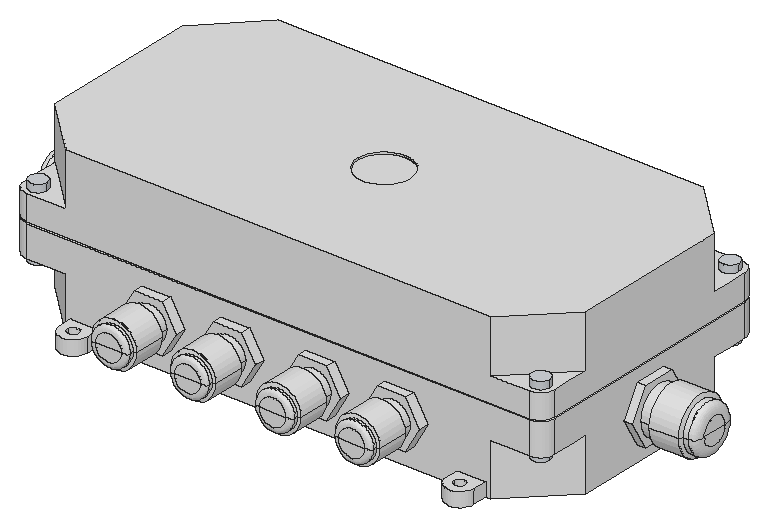
Revit family "Korobka soedinitelnaya dlya greyushchego kabelya KSGK-2 AYaKS", category Датчики, Revit 2023
Family settings
  Размер круглого соединителя = Использовать диаметр
  Тип детали = Нормальный
  Номер OmniClass = 23.85.50.17
  Заголовок OmniClass = Communication and Data Processing Equipment
  На основе рабочей плоскости = Нет
  Всегда вертикально = Да
  При загрузке вырезать с полостями = Нет
  Сохранять ориентацию аннотаций = Нет
  Общий = Нет
  Точка принадлежности помещению = Нет
Parameters (values of type "КСГК-2")
  Ток, А = "не более 70"
  Степень защиты оболочки = "IP 66 по ГОСТ 14254-2015"
  Отметка по умолчанию = 0 mm
  Описание = "Коробка соединительная для греющего кабеля КСГК IP66 АЯКС (далее – коробка) предназначена для подключения питающего кабеля к сети нагревательных кабелей, сращивания отрезков греющего кабеля или разветвления греющих кабелей в цепях переменного и постоянного тока. Внутри коробок располагаются пружинные клеммные колодки 10мм2."
  Напряжение, В = "не более 600"
  Кол-во клеммных пар (из них пар заземления), шт = "12(2)"
  Изготовитель = [ADSK_Завод-изготовитель]  # "ООО НПП «МАГНИТО-КОНТАКТ»"
  Диапазон рабочих температур, °C = "от -65 до +70"
  URL = "https://m-kontakt.ru/produkt/kommutacyonnye/ksgk_ayaks"
  ADSK_Размер_Ширина = 150 mm
  ADSK_Размер_Длина = 370 mm
  ADSK_Размер_Высота = 93 mm
  ADSK_Обозначение = "АТФЕ.685552.234 ПС"
  ADSK_Наименование краткое = "КСГК-2"
  ADSK_Наименование = "Коробка соединительная для греющего кабеля КСГК IP66 АЯКС"
  ADSK_Материал = Пластик белый
  ADSK_Масса = 1.3
  ADSK_Завод-изготовитель = "ООО НПП «МАГНИТО-КОНТАКТ»"  # constant formula
  ADSK_Единица измерения = "шт."  # constant formula
Reference planes
  plane 1 "По центру (Вперед/Назад)": y = 0
  plane 2: z = 0
  plane 3 "По центру (Влево/Вправо)": x = 0
Forms (mm)
  Extrusion 1, solid, material "Пластик белый" <- "ADSK_Материал"
    sketch origin (0, 0, 0) x (1, 0, 0) y (0, 1, 0)
      loop
        line (143, 75.5) -> (0, 75.5) -> (-142.963, 75.5)
        arc (-142.963, 75.5) -> (-148.646, 73.146) -> (-151, 67.463) r 8.037
        line (-151, 67.463) -> (-151, 0) -> (-151, -67.5)
        arc (-151, -67.5) -> (-148.657, -73.157) -> (-143, -75.5) r 8
        line (-143, -75.5) -> (143, -75.5)
        arc (143, -75.5) -> (148.657, -73.157) -> (151, -67.5) r 8
        line (151, -67.5) -> (151, 67.5)
        arc (151, 67.5) -> (148.657, 73.157) -> (143, 75.5) r 8
    from 0 to 93
  Extrusion 2, void
    sketch origin (0, 0, 0) x (1, 0, 0) y (0, 1, 0)
      loop
        line (-151, 67.463) -> (-151, 55.451) -> (-151, 45.463) -> (-120.963, 75.5) -> (-130.951, 75.5) -> (-142.963, 75.5) -> (-151, 75.5) -> (-151, 67.463)
      loop
        line (-151, -67.463) -> (-151, -75.5) -> (-142.963, -75.5) -> (-130.951, -75.5) -> (-120.951, -75.5) -> (-151, -45.451) -> (-151, -55.451) -> (-151, -67.463)
      loop
        line (151, 67.463) -> (151, 75.5) -> (142.963, 75.5) -> (130.951, 75.5) -> (120.963, 75.5) -> (151, 45.463) -> (151, 55.451) -> (151, 67.463)
      loop
        line (151, -67.463) -> (151, -55.451) -> (151, -45.463) -> (120.963, -75.5) -> (130.951, -75.5) -> (142.963, -75.5) -> (151, -75.5) -> (151, -67.463)
    from 0 to 30
  Extrusion 3, void
    sketch origin (0, 0, 93) x (0, 1, 0) y (1, 0, 0)
      loop
        line (75.5, -142.963) -> (75.5, -130.963) -> (75.5, -120.963) -> (45.463, -151) -> (55.463, -151) -> (67.463, -151) -> (75.5, -151) -> (75.5, -142.963)
      loop
        line (-75.5, -142.963) -> (-75.5, -151) -> (-67.463, -151) -> (-55.463, -151) -> (-45.463, -151) -> (-75.5, -120.963) -> (-75.5, -130.963) -> (-75.5, -142.963)
      loop
        line (75.5, 142.963) -> (75.5, 151) -> (67.463, 151) -> (55.463, 151) -> (45.463, 151) -> (75.5, 120.963) -> (75.5, 130.963) -> (75.5, 142.963)
      loop
        line (-75.5, 142.963) -> (-75.5, 130.963) -> (-75.5, 120.963) -> (-45.463, 151) -> (-55.463, 151) -> (-67.463, 151) -> (-75.5, 151) -> (-75.5, 142.963)
    from 0 to 30
  Extrusion 4, void
    sketch origin (0, 0, 0) x (1, 0, 0) y (0, 1, 0)
      loop
        arc (-142.963, 75.5) -> (-148.646, 73.146) -> (-151, 67.463) r 8.037
        line (-151, 67.463) -> (-151, -67.5)
        arc (-151, -67.5) -> (-148.657, -73.157) -> (-143, -75.5) r 8
        line (-143, -75.5) -> (143, -75.5)
        arc (143, -75.5) -> (148.657, -73.157) -> (151, -67.5) r 8
        line (151, -67.5) -> (151, 67.5)
        arc (151, 67.5) -> (148.657, 73.157) -> (143, 75.5) r 8
        line (143, 75.5) -> (-142.963, 75.5)
      loop
        arc (-134.926, 67.463) -> (-140.609, 65.109) -> (-142.963, 59.426) r 8.037
        line (-142.963, 59.426) -> (-142.963, -59.5)
        arc (-142.963, -59.5) -> (-140.62, -65.157) -> (-134.963, -67.5) r 8
        line (-134.963, -67.5) -> (135, -67.5)
        arc (135, -67.5) -> (140.657, -65.157) -> (143, -59.5) r 8
        line (143, -59.5) -> (143, 59.463)
        arc (143, 59.463) -> (140.657, 65.12) -> (135, 67.463) r 8
        line (135, 67.463) -> (-134.926, 67.463)
    from 48 to 49
  Extrusion 5, solid, material "Пластик белый" <- "ADSK_Материал"
    sketch origin (0, 0, 0) x (1, 0, 0) y (0, 1, 0)
      loop
        line (110, 75.5) -> (118, 75.5) -> (118, 83.5)
        arc (118, 83.5) -> (110, 91.5) -> (102, 83.5) r 8
        line (102, 83.5) -> (102, 75.5) -> (110, 75.5)
      loop
        line (-110, 75.5) -> (-102, 75.5) -> (-102, 83.5)
        arc (-102, 83.5) -> (-110, 91.5) -> (-118, 83.5) r 8
        line (-118, 83.5) -> (-118, 75.5) -> (-110, 75.5)
      loop
        line (110, -75.5) -> (102, -75.5) -> (102, -83.5)
        arc (102, -83.5) -> (110, -91.5) -> (118, -83.5) r 8
        line (118, -83.5) -> (118, -75.5) -> (110, -75.5)
      loop
        line (-110, -75.5) -> (-118, -75.5) -> (-118, -83.5)
        arc (-118, -83.5) -> (-110, -91.5) -> (-102, -83.5) r 8
        line (-102, -83.5) -> (-102, -75.5) -> (-110, -75.5)
    from 0 to 8
  Extrusion 6, void
    sketch origin (0, 0, 0) x (1, 0, 0) y (0, 1, 0)
      loop
        circle (110, 83.587) r 3.3
      loop
        circle (-110, 83.587) r 3.3
      loop
        circle (110, -83.587) r 3.3
      loop
        circle (-110, -83.587) r 3.3
    from 0 to 8
  Extrusion 7, void
    sketch origin (0, 0, 0) x (1, 0, 0) y (0, 1, 0)
      loop
        circle (0, 0) r 15
    from 92 to 93
  Extrusion 8, solid
    sketch origin (0, 0, 0) x (1, 0, 0) y (0, 1, 0)
      loop
        circle (143, 67.5) r 5
      loop
        circle (143, -67.5) r 5
      loop
        circle (-143, -67.5) r 5
      loop
        circle (-142.989, 67.489) r 5
    from 63 to 67
  Extrusion 9, solid
    sketch origin (0, 0, 0) x (1, 0, 0) y (0, 1, 0)
      loop
        circle (143, 67.5) r 5
      loop
        circle (143, -67.5) r 5
      loop
        circle (-143, -67.5) r 5
      loop
        circle (-142.989, 67.489) r 5
    from 26 to 30
  Revolve 10, solid, material "Пластик белый" <- "ADSK_Материал"
    sketch origin (-122.458, -1.986, 25.312) x (0, -1, 0) y (1, 0, 0)
      loop
        line (-15.46, -33.979) -> (-15.46, -40.804) -> (-17.762, -40.804) -> (-17.762, -57.606) -> (-15.46, -58.222) -> (-15.46, -61.652)
        spline (-15.46, -61.652) -> (-15.418, -62.273) -> (-15.292, -62.841) -> (-15.083, -63.354) -> (-14.79, -63.814) -> (-14.413, -64.219) -> (-13.952, -64.57) -> (-13.408, -64.867) -> (-12.78, -65.11) -> (-12.068, -65.3) -> (-11.272, -65.435) -> (-10.393, -65.516) -> (-9.43, -65.543)
        line (-9.43, -65.543) -> (-1.986, -65.543) -> (-1.986, -33.979) -> (-15.46, -33.979)
      axis (-1.986, -65.543) -> (-1.986, -33.979)
    angle from 0 to 360
  Extrusion 11, solid, material "Пластик белый" <- "ADSK_Материал"
    sketch origin (-88, -19.063, 55.205) x (0, 0, -1) y (0, 1, 0)
      loop
        line (29.892, 37.487) -> (13.936, 28.275) -> (13.936, 9.85) -> (29.892, 0.638) -> (45.849, 9.85) -> (45.849, 28.275) -> (29.892, 37.487)
    from -68.437 to -63
  Revolve 12, solid, material "Пластик белый" <- "ADSK_Материал"
    sketch origin (122.458, -1.986, 25.312) x (0, -1, 0) y (1, 0, 0)
      loop
        line (-15.46, 33.979) -> (-1.986, 33.979) -> (-1.986, 65.543) -> (-9.43, 65.543)
        spline (-9.43, 65.543) -> (-10.393, 65.516) -> (-11.272, 65.435) -> (-12.068, 65.3) -> (-12.78, 65.11) -> (-13.408, 64.867) -> (-13.952, 64.57) -> (-14.413, 64.219) -> (-14.79, 63.814) -> (-15.083, 63.354) -> (-15.292, 62.841) -> (-15.418, 62.273) -> (-15.46, 61.652)
        line (-15.46, 61.652) -> (-15.46, 58.222) -> (-17.762, 57.606) -> (-17.762, 40.804) -> (-15.46, 40.804) -> (-15.46, 33.979)
      axis (-1.986, 65.543) -> (-1.986, 33.979)
    angle from 0 to 360
  Extrusion 13, solid, material "Пластик белый" <- "ADSK_Материал"
    sketch origin (88, -19.063, 55.205) x (0, 0, -1) y (0, -1, 0)
      loop
        line (29.892, -37.487) -> (45.849, -28.275) -> (45.849, -9.85) -> (29.892, -0.638) -> (13.936, -9.85) -> (13.936, -28.275) -> (29.892, -37.487)
    from -68.437 to -63
  Revolve 14, solid, material "Пластик белый" <- "ADSK_Материал"
    sketch origin (-71.214, 46.958, 25.312) x (-1, 0, 0) y (0, -1, 0)
      loop
        line (-11.986, -33.979) -> (-11.986, -40.804) -> (-14.754, -40.804) -> (-14.754, -58.411) -> (-12.762, -58.945) -> (-12.762, -60.51)
        spline (-12.762, -60.51) -> (-12.739, -60.854) -> (-12.669, -61.167) -> (-12.554, -61.451) -> (-12.392, -61.705) -> (-12.183, -61.929) -> (-11.929, -62.123) -> (-11.628, -62.287) -> (-11.281, -62.422) -> (-10.888, -62.526) -> (-10.448, -62.601) -> (-9.962, -62.646) -> (-9.43, -62.661)
        line (-9.43, -62.661) -> (-1.986, -62.661) -> (-1.986, -33.979) -> (-11.986, -33.979)
      axis (-1.986, -62.661) -> (-1.986, -33.979)
    angle from 0 to 360
  Extrusion 15, solid, material "Пластик белый" <- "ADSK_Материал"
    sketch origin (-88.29, 12.5, 55.205) x (0, 0, -1) y (1, 0, 0)
      loop
        line (29.892, 3.063) -> (43.749, 11.063) -> (43.749, 27.063) -> (29.892, 35.063) -> (16.036, 27.063) -> (16.036, 11.063) -> (29.892, 3.063)
    from -68.437 to -63
  Revolve 16, solid, material "Пластик белый" <- "ADSK_Материал"
    sketch origin (-26.214, 46.958, 25.312) x (-1, 0, 0) y (0, -1, 0)
      loop
        line (-11.986, -33.979) -> (-11.986, -40.804) -> (-14.754, -40.804) -> (-14.754, -58.411) -> (-12.762, -58.945) -> (-12.762, -60.51)
        spline (-12.762, -60.51) -> (-12.739, -60.854) -> (-12.669, -61.167) -> (-12.554, -61.451) -> (-12.392, -61.705) -> (-12.183, -61.929) -> (-11.929, -62.123) -> (-11.628, -62.287) -> (-11.281, -62.422) -> (-10.888, -62.526) -> (-10.448, -62.601) -> (-9.962, -62.646) -> (-9.43, -62.661)
        line (-9.43, -62.661) -> (-1.986, -62.661) -> (-1.986, -33.979) -> (-11.986, -33.979)
      axis (-1.986, -62.661) -> (-1.986, -33.979)
    angle from 0 to 360
  Extrusion 17, solid, material "Пластик белый" <- "ADSK_Материал"
    sketch origin (-43.29, 12.5, 55.205) x (0, 0, -1) y (1, 0, 0)
      loop
        line (29.892, 3.063) -> (43.749, 11.063) -> (43.749, 27.063) -> (29.892, 35.063) -> (16.036, 27.063) -> (16.036, 11.063) -> (29.892, 3.063)
    from -68.437 to -63
  Revolve 18, solid, material "Пластик белый" <- "ADSK_Материал"
    sketch origin (71.214, 46.958, 25.312) x (1, 0, 0) y (0, 1, 0)
      loop
        line (-11.986, 33.979) -> (-1.986, 33.979) -> (-1.986, 62.661) -> (-9.43, 62.661)
        spline (-9.43, 62.661) -> (-9.962, 62.646) -> (-10.448, 62.601) -> (-10.888, 62.526) -> (-11.281, 62.422) -> (-11.628, 62.287) -> (-11.929, 62.123) -> (-12.183, 61.929) -> (-12.392, 61.705) -> (-12.554, 61.451) -> (-12.669, 61.167) -> (-12.739, 60.854) -> (-12.762, 60.51)
        line (-12.762, 60.51) -> (-12.762, 58.945) -> (-14.754, 58.411) -> (-14.754, 40.804) -> (-11.986, 40.804) -> (-11.986, 33.979)
      axis (-1.986, 62.661) -> (-1.986, 33.979)
    angle from 0 to 360
  Extrusion 19, solid, material "Пластик белый" <- "ADSK_Материал"
    sketch origin (88.29, 12.5, 55.205) x (0, 0, -1) y (1, 0, 0)
      loop
        line (29.892, -3.063) -> (16.036, -11.063) -> (16.036, -27.063) -> (29.892, -35.063) -> (43.749, -27.063) -> (43.749, -11.063) -> (29.892, -3.063)
    from -68.437 to -63
  Revolve 20, solid, material "Пластик белый" <- "ADSK_Материал"
    sketch origin (26.214, 46.958, 25.312) x (1, 0, 0) y (0, 1, 0)
      loop
        line (-11.986, 33.979) -> (-1.986, 33.979) -> (-1.986, 62.661) -> (-9.43, 62.661)
        spline (-9.43, 62.661) -> (-9.962, 62.646) -> (-10.448, 62.601) -> (-10.888, 62.526) -> (-11.281, 62.422) -> (-11.628, 62.287) -> (-11.929, 62.123) -> (-12.183, 61.929) -> (-12.392, 61.705) -> (-12.554, 61.451) -> (-12.669, 61.167) -> (-12.739, 60.854) -> (-12.762, 60.51)
        line (-12.762, 60.51) -> (-12.762, 58.945) -> (-14.754, 58.411) -> (-14.754, 40.804) -> (-11.986, 40.804) -> (-11.986, 33.979)
      axis (-1.986, 62.661) -> (-1.986, 33.979)
    angle from 0 to 360
  Extrusion 21, solid, material "Пластик белый" <- "ADSK_Материал"
    sketch origin (43.29, 12.5, 55.205) x (0, 0, -1) y (1, 0, 0)
      loop
        line (29.892, -3.063) -> (16.036, -11.063) -> (16.036, -27.063) -> (29.892, -35.063) -> (43.749, -27.063) -> (43.749, -11.063) -> (29.892, -3.063)
    from -68.437 to -63
  Revolve 22, solid, material "Пластик белый" <- "ADSK_Материал"
    sketch origin (-71.214, -46.958, 25.312) x (-1, 0, 0) y (0, -1, 0)
      loop
        line (-11.986, 33.979) -> (-1.986, 33.979) -> (-1.986, 62.661) -> (-9.43, 62.661)
        spline (-9.43, 62.661) -> (-9.962, 62.646) -> (-10.448, 62.601) -> (-10.888, 62.526) -> (-11.281, 62.422) -> (-11.628, 62.287) -> (-11.929, 62.123) -> (-12.183, 61.929) -> (-12.392, 61.705) -> (-12.554, 61.451) -> (-12.669, 61.167) -> (-12.739, 60.854) -> (-12.762, 60.51)
        line (-12.762, 60.51) -> (-12.762, 58.945) -> (-14.754, 58.411) -> (-14.754, 40.804) -> (-11.986, 40.804) -> (-11.986, 33.979)
      axis (-1.986, 62.661) -> (-1.986, 33.979)
    angle from 0 to 360
  Extrusion 23, solid, material "Пластик белый" <- "ADSK_Материал"
    sketch origin (-88.29, -12.5, 55.205) x (0, 0, -1) y (-1, 0, 0)
      loop
        line (29.892, -3.063) -> (16.036, -11.063) -> (16.036, -27.063) -> (29.892, -35.063) -> (43.749, -27.063) -> (43.749, -11.063) -> (29.892, -3.063)
    from -68.437 to -63
  Revolve 24, solid, material "Пластик белый" <- "ADSK_Материал"
    sketch origin (-26.214, -46.958, 25.312) x (-1, 0, 0) y (0, -1, 0)
      loop
        line (-11.986, 33.979) -> (-1.986, 33.979) -> (-1.986, 62.661) -> (-9.43, 62.661)
        spline (-9.43, 62.661) -> (-9.962, 62.646) -> (-10.448, 62.601) -> (-10.888, 62.526) -> (-11.281, 62.422) -> (-11.628, 62.287) -> (-11.929, 62.123) -> (-12.183, 61.929) -> (-12.392, 61.705) -> (-12.554, 61.451) -> (-12.669, 61.167) -> (-12.739, 60.854) -> (-12.762, 60.51)
        line (-12.762, 60.51) -> (-12.762, 58.945) -> (-14.754, 58.411) -> (-14.754, 40.804) -> (-11.986, 40.804) -> (-11.986, 33.979)
      axis (-1.986, 62.661) -> (-1.986, 33.979)
    angle from 0 to 360
  Extrusion 25, solid, material "Пластик белый" <- "ADSK_Материал"
    sketch origin (-43.29, -12.5, 55.205) x (0, 0, -1) y (-1, 0, 0)
      loop
        line (29.892, -3.063) -> (16.036, -11.063) -> (16.036, -27.063) -> (29.892, -35.063) -> (43.749, -27.063) -> (43.749, -11.063) -> (29.892, -3.063)
    from -68.437 to -63
  Revolve 26, solid, material "Пластик белый" <- "ADSK_Материал"
    sketch origin (71.214, -46.958, 25.312) x (1, 0, 0) y (0, 1, 0)
      loop
        line (-11.986, -33.979) -> (-11.986, -40.804) -> (-14.754, -40.804) -> (-14.754, -58.411) -> (-12.762, -58.945) -> (-12.762, -60.51)
        spline (-12.762, -60.51) -> (-12.739, -60.854) -> (-12.669, -61.167) -> (-12.554, -61.451) -> (-12.392, -61.705) -> (-12.183, -61.929) -> (-11.929, -62.123) -> (-11.628, -62.287) -> (-11.281, -62.422) -> (-10.888, -62.526) -> (-10.448, -62.601) -> (-9.962, -62.646) -> (-9.43, -62.661)
        line (-9.43, -62.661) -> (-1.986, -62.661) -> (-1.986, -33.979) -> (-11.986, -33.979)
      axis (-1.986, -62.661) -> (-1.986, -33.979)
    angle from 0 to 360
  Extrusion 27, solid, material "Пластик белый" <- "ADSK_Материал"
    sketch origin (88.29, -12.5, 55.205) x (0, 0, -1) y (-1, 0, 0)
      loop
        line (29.892, 3.063) -> (43.749, 11.063) -> (43.749, 27.063) -> (29.892, 35.063) -> (16.036, 27.063) -> (16.036, 11.063) -> (29.892, 3.063)
    from -68.437 to -63
  Revolve 28, solid, material "Пластик белый" <- "ADSK_Материал"
    sketch origin (26.214, -46.958, 25.312) x (1, 0, 0) y (0, 1, 0)
      loop
        line (-11.986, -33.979) -> (-11.986, -40.804) -> (-14.754, -40.804) -> (-14.754, -58.411) -> (-12.762, -58.945) -> (-12.762, -60.51)
        spline (-12.762, -60.51) -> (-12.739, -60.854) -> (-12.669, -61.167) -> (-12.554, -61.451) -> (-12.392, -61.705) -> (-12.183, -61.929) -> (-11.929, -62.123) -> (-11.628, -62.287) -> (-11.281, -62.422) -> (-10.888, -62.526) -> (-10.448, -62.601) -> (-9.962, -62.646) -> (-9.43, -62.661)
        line (-9.43, -62.661) -> (-1.986, -62.661) -> (-1.986, -33.979) -> (-11.986, -33.979)
      axis (-1.986, -62.661) -> (-1.986, -33.979)
    angle from 0 to 360
  Extrusion 29, solid, material "Пластик белый" <- "ADSK_Материал"
    sketch origin (43.29, -12.5, 55.205) x (0, 0, -1) y (-1, 0, 0)
      loop
        line (29.892, 3.063) -> (43.749, 11.063) -> (43.749, 27.063) -> (29.892, 35.063) -> (16.036, 27.063) -> (16.036, 11.063) -> (29.892, 3.063)
    from -68.437 to -63
Cuts and joins
  Extrusion 2, Extrusion 3, Extrusion 4, Extrusion 7 cuts Extrusion 1
  Extrusion 6 cuts Extrusion 5
Dimensions and locks
  aligned and locked: level to plane 2
Connectors
  electrical at (0, 0, 0)
    settings: index 1, voltage 0 V, apparent load 0 VA, apparent load phase1 0 VA, apparent load phase2 0 VA, apparent load phase3 0 VA, power factor 1, load classification "Прочее", number of poles 1, system type 10, power factor state 1, is connector primary yes, connector utility no, sub classification motor no, connector description ""
